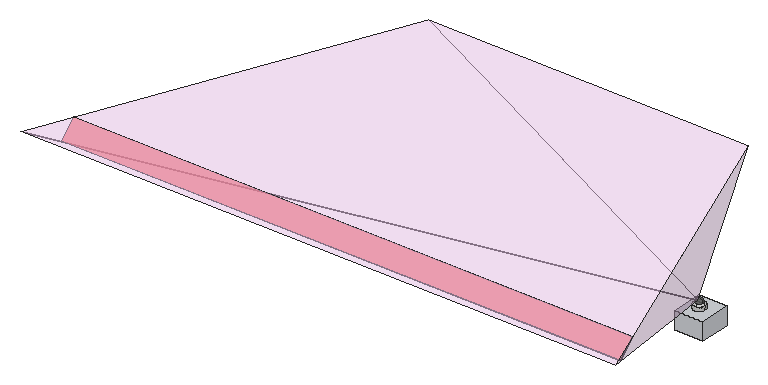
Revit family "Camera-Security-Panasonic-Super_Dynamic-H265_Varifocal_Dome-Network-WV-U2132LSeriesX", category Security Devices, host Face, Revit 2016
Family settings
  Host = Face
  Maintain Annotation Orientation = No
  Part Type = Normal
  Round Connector Dimension = Use Diameter
  OmniClass Number = 23.85.10.14.11
  OmniClass Title = Cameras
  Cut with Voids When Loaded = No
  Shared = No
  Room Calculation Point = No
Parameters (values of type "WV-U2132L")
  z Zero = 0.0"  # constant formula
  z Yaw Actual [instance] = if(and(On Wall, not(On Ceiling)), Yaw Actual, Yaw Actual + 180.00°)  # 180.00°
  z VV Viewpoint Depth [instance] = (z VV Viewpoint Depth Max - z VV Viewpoint Depth Min) * z HFOV Ratio + z VV Viewpoint Depth Min  # 1.28346"
  z VV Viewpoint Depth Min = 1.28346"  # constant formula
  z VV Viewpoint Depth Max = 1.28346"  # constant formula
  z VV Origin Height Offset = 0.21654"  # constant formula
  z VV Origin Height [instance] = z Dome Height Offset + z VV Origin Height Offset  # 2.42126"
  z VV Face Radius = 4.62598"
  z Tilt Actual [instance] = Tilt Actual  # 45.00°
  z Pan Actual Safe [instance] = if(Pan Actual = -180.00°, 180.00°, Pan Actual)  # 0.00°
  z Pan Actual [instance] = Pan Actual  # 0.00°
  z HFOV Ratio [instance] = (Horizontal FOV Actual - Horizontal FOV Min) / (Horizontal FOV Max - Horizontal FOV Min)  # 0.29825
  z Dome Radius = (Height - z Base Height)  # 1.77165"
  z Dome Material = Glass - Panasonic - Smoked
  z Dome Height Offset [instance] = if(Has Ceiling Mount, 0.19685", z Base Height)  # 2.20472"
  z Const Yaw Handle Length = 9.25197"  # constant formula
  z Const Yaw Base2 Length = 17.32283"  # constant formula
  z Const Yaw Base Length = 10.23622"  # constant formula
  z Const Tilt Handle Length = 11.81102"  # constant formula
  z Const Tilt Base2 Length = 19.68504"  # constant formula
  z Const Tilt Base Length = 9.84252"  # constant formula
  z Const Pan Handle Length = 19.48819"  # constant formula
  z Camera Type = 1
  z Bracket Radius = 7.32283" / 2  # 3.66142"
  z Base is Visible [instance] = not(Has Ceiling Mount)  # yes
  z Base Radius = (Diameter / 2)  # 2.54921"
  z Base Height = 2.20472"  # constant formula
  Yawing Range = "-100 to +100"  # constant formula
  Yaw Min = -100.00°  # constant formula
  Yaw Max = 100.00°  # constant formula
  Yaw Desired [instance] = 0.00°
  Yaw Actual [instance] = if(Yaw Desired > Yaw Max, Yaw Max, if(Yaw Desired < Yaw Min, Yaw Min, Yaw Desired))  # 0.00°
  Wide Dynamic Range = yes
  Weight = 0.77 lbf  # constant formula
  Voltage DC = 48 V  # constant formula
  Vertical FOV Actual [instance] = z HFOV Ratio * (Vertical FOV Max - Vertical FOV Min) + Vertical FOV Min  # 33.5439°
  Vandal Resistant = no
  VFOV Min 43 = 27.00°
  VFOV Min 169 = 24.00°
  Vertical FOV Min [instance] = if(and(Aspect Ratio 4_3, not(Aspect Ratio 16_9)), VFOV Min 43, VFOV Min 169)  # 24.00°
  VFOV Max 43 = 62.00°
  VFOV Max 169 = 56.00°
  Vertical FOV Max [instance] = if(and(Aspect Ratio 4_3, not(Aspect Ratio 16_9)), VFOV Max 43, VFOV Max 169)  # 56.00°
  URL = "http://security.panasonic.com/pss/security/"
  Tilting Range = "-30 to +85"
  Tilt Min = -30.00°  # constant formula
  Tilt Max = 85.00°  # constant formula
  Tilt Actual [instance] = if(Tilt Desired > Tilt Max, Tilt Max, if(Tilt Desired < Tilt Min, Tilt Min, Tilt Desired))  # 45.00°
  Tilt Desired [instance] = 45.00°
  Storage Temperature = Operational Temperature  # "-10 °C to +50 °C (+14 °F to +122 °F)"
  Show View Volume [instance] = yes
  Resolution_HD [instance] = and(z Camera Type = 1, not(Resolution_FullHD))  # no
  Resolution_FullHD [instance] = yes
  Resolution WQHD [instance] = and(not(z Camera Type = 1), not(Resolution_FullHD))  # no
  Regulatory Compliance = "UL (UL60950-1), c-UL (CSA C22.2 No.60950-1), CE, IEC60950-1, FCC (Part15 ClassA), ICES003 ClassA, EN55032 ClassB, EN55024"  # constant formula
  Provide Feedback = "https://www.surveymonkey.com/s/95FL6QY"
  Product Page URL = "https://security.panasonic.com/products_technology/products/wv-u2132l/"
  Product Material = Paint - Panasonic - i-PRO White
  Product Documentation Link = "https://bizpartner.panasonic.net/public/ppr/product/10963?accordion_tab=96"
  Power Active = 5.8 W
  Part Number = Model  # "WV-U2132L"
  Part Description = Description  # "Security Camera, H.265 Varifocal Fixed Dome, Network, Super Dynamic FullHD, WV-U2132L"
  Panning Range = "-180 to +180"  # constant formula
  Pan Min = -180.00°  # constant formula
  Pan Max = 180.00°  # constant formula
  Pan Desired [instance] = 0.00°
  Pan Actual [instance] = if(Pan Desired > Pan Max, Pan Max, if(Pan Desired < Pan Min, Pan Min, Pan Desired))  # 0.00°
  PPM Desired [instance] = 300
  PPM Actual [instance] = if(PPM Desired > 1, PPM Desired, 1)  # 300
  Original Creation Date = "2020/01/06"
  Operational Temperature = "-10 °C to +50 °C (+14 °F to +122 °F)"  # constant formula
  Operational Humidity = "10% to 90% (no condensation)"  # constant formula
  On Wall [instance] = not(On Ceiling)  # no
  On Ceiling [instance] = yes
  Mounting Positions = "Surface Mount"  # constant formula
  Model Disclaimer = "Contact Panasonic for more information"  # constant formula
  Model = "WV-U2132L"
  Minimum Illumination = 0.100 lx
  Manufacturer = "Panasonic"  # constant formula
  Indoor Or Outdoor = "Indoor"  # constant formula
  IP Or Analog = "IP"  # constant formula
  Horizontal Resolution [instance] = if(and(Aspect Ratio 4_3, not(Aspect Ratio 16_9)), Horizontal Resolution 43, Horizontal Resolution 169)  # 1920
  Horizontal Resolution 43 [instance] = if(and(z Camera Type = 2, Resolution WQHD, not(Resolution_FullHD), not(Resolution_HD)), 2560, if(and(not(Resolution WQHD), Resolution_FullHD, not(Resolution_HD)), 1600, if(and(z Camera Type = 1, not(Resolution WQHD), not(Resolution_FullHD), Resolution_HD), 1280, 1600)))  # 1600
  Horizontal Resolution 169 [instance] = if(and(z Camera Type = 2, Resolution WQHD, not(Resolution_FullHD), not(Resolution_HD)), 2560, if(and(not(Resolution WQHD), Resolution_FullHD, not(Resolution_HD)), 1920, if(and(z Camera Type = 1, not(Resolution WQHD), not(Resolution_FullHD), Resolution_HD), 1280, 1920)))  # 1920
  Horizontal FOV Actual [instance] = if(Horizontal FOV Desired > Horizontal FOV Max, Horizontal FOV Max, if(Horizontal FOV Desired < Horizontal FOV Min, Horizontal FOV Min, Horizontal FOV Desired))  # 60.00°
  Height = 3.97638"  # constant formula
  Has Ceiling Mount [instance] = no
  Has POE = yes
  HFOV Min 43 = 36.00°
  HFOV Min 169 = 43.00°
  Horizontal FOV Min [instance] = if(and(Aspect Ratio 4_3, not(Aspect Ratio 16_9)), HFOV Min 43, HFOV Min 169)  # 43.00°
  HFOV Max 43 = 83.00°
  HFOV Max 169 = 100.00°
  Horizontal FOV Max [instance] = if(and(Aspect Ratio 4_3, not(Aspect Ratio 16_9)), HFOV Max 43, HFOV Max 169)  # 100.00°
  Floor Distance [instance] = Distance to Floor  # 118.11024"
  Family Version = "1.0.0"  # constant formula
  Horizontal FOV Desired [instance] = 60.00°
  Equipment Number [instance] = ""
  Equipment Abbreviation = "SC"
  Dome Part Number [instance] = "WV-CF5SA"  # constant formula
  Distance to Screen [instance] = 393.70079"
  Distance to PPM Target [instance] = if(PPM Actual = 0, 0.0", 39.37008" * Horizontal Resolution / (PPM Actual * 2 * tan(Horizontal FOV Actual / 2)))  # 218.21113"
  Distance to Floor [instance] = 118.11024"
  Distance to Ceiling [instance] = 0.0"
  Diameter = 5.09843"  # constant formula
  Description = "Security Camera, H.265 Varifocal Fixed Dome, Network, Super Dynamic FullHD, WV-U2132L"
  Default Elevation = 0.0"
  Day Or Night = "Yes"  # constant formula
  Date Last Modified = "2020/01/06"
  Copyright = "Copyright © Panasonic"  # constant formula
  Communication Ports = "10Base-T / 100Base-TX, RJ45 connector"  # constant formula
  Ceiling Distance [instance] = Distance to Ceiling  # 0.0"
  Audio Out = "N/A"  # constant formula
  Audio In = "N/A"  # constant formula
  Angle Of View = "100"
  Alarm Input Or Output Specification = "N/A"  # constant formula
  Accessory Part Number [instance] = if(Has Ceiling Mount, "WV-Q174B", "Select a Mounting Option")  # "Select a Mounting Option"
  Aspect Ratio 4_3 [instance] = and(not(z Camera Type = 2), not(Aspect Ratio 16_9))  # no
  Aspect Ratio 16_9 [instance] = yes
Types (2): name | z HFOV Ratio | z Camera Type | Vertical FOV Actual | VFOV Min 43 | VFOV Min 169 | Vertical FOV Min | VFOV Max 43 | VFOV Max 169 | Vertical FOV Max | Resolution_FullHD | Resolution WQHD | Product Page URL | Product Documentation Link | Power Active | Part Number | Part Description | Model | Minimum Illumination | Horizontal Resolution | Horizontal Resolution 43 | Horizontal Resolution 169 | HFOV Min 43 | HFOV Min 169 | Horizontal FOV Min | HFOV Max 43 | HFOV Max 169 | Horizontal FOV Max | Distance to PPM Target | Description | Angle Of View
  WV-U2132L | 0.29825 | 1 | 33.5439° | 27.00° | 24.00° | 24.00° | 62.00° | 56.00° | 56.00° | yes | no | "https://security.panasonic.com/products_technology/products/wv-u2132l/" | "https://bizpartner.panasonic.net/public/ppr/product/10963?accordion_tab=96" | 5.8 W | "WV-U2132L" | "Security Camera, H.265 Varifocal Fixed Dome, Network, Super Dynamic FullHD, WV-U2132L" | "WV-U2132L" | 0.100 lx | 1920 | 1600 | 1920 | 36.00° | 43.00° | 43.00° | 83.00° | 100.00° | 100.00° | 218.21113" | "Security Camera, H.265 Varifocal Fixed Dome, Network, Super Dynamic FullHD, WV-U2132L" | "100"
  WV-U2142L | 0.27586 | 2 | 33.8276° | 25.00° | 25.00° | 25.00° | 57.00° | 57.00° | 57.00° | no | yes | "https://security.panasonic.com/products_technology/products/wv-u2142l/" | "https://bizpartner.panasonic.net/public/ppr/product/10964?accordion_tab=96" | 6.5 W | "WV-U2142L" | "Security Camera, H.265 Varifocal Fixed Dome, Network, Super Dynamic WQHD, WV-U2142L" | "WV-U2142L" | 0.300 lx | 2560 | 2560 | 2560 | 44.00° | 44.00° | 44.00° | 102.00° | 102.00° | 102.00° | 290.94817" | "Security Camera, H.265 Varifocal Fixed Dome, Network, Super Dynamic WQHD, WV-U2142L" | "102"
Reference planes (in)
  plane 1 "Center (Front/Back)": y = 0
  plane 2: z = 0
  plane 3 "Center (Left/Right)": x = 0
  plane 4: z = 0
  plane 5: x = -2.54921
  plane 6: x = -1.77165
  plane 7: x = 2.5625
  plane 8: z = 2.20472
  plane 9: z = 1.50472
  plane 10: z = 3.97638
  plane 11 "Pan LR": z = 9.48781
  plane 12 "BP": z = 2.42126
Forms (in)
  Extrusion 1, solid
    sketch origin (0, 0, 0) x (1, 0, 0) y (0, 1, 0)
      loop
        line (-5.65138, 6.85016) -> (-5.65138, -7.02141) -> (7.02141, -7.02141) -> (7.02141, 6.85016) -> (-5.65138, 6.85016)
    from 0 to -7.78407
  Revolve 2, solid, material "Paint - Panasonic - i-PRO White" <- "Product Material", visible <- "z Base is Visible"
    sketch origin (0, 0, 0) x (1, 0, 0) y (0, 0, 1)
      loop
        line (0, 0) -> (0, 2.20472) -> (-1.77165, 2.20472) -> (-2.54921, 1.50472) -> (-2.54921, 0) -> (0, 0)
      axis (0, 2.20472) -> (0, 0)
    angle from 0 to 360
  Revolve 3, solid, material "Glass - Panasonic - Smoked" <- "z Dome Material"
    sketch origin (0, 0, 0) x (1, 0, 0) y (0, 0, 1)
      loop
        line (-1.77165, 2.20472) -> (0, 2.20472) -> (0, 3.97638)
        arc (0, 3.97638) -> (-1.25275, 3.45747) -> (-1.77165, 2.20472) r 1.77165
      axis (0, 3.97638) -> (0, 2.20472)
    angle from 0 to 360
Lines and regions (in)
  reference lines
    curve 1: line (0, 0, 2.42154) -> (0, -9.84252, 2.42154)
    curve 2: line (0, 0, 2.42126) -> (8.07327, -8.07327, 2.42126)
Dimensions and locks (in)
  "z Base Height": plane 8 to plane 4
  "z Base Radius": plane 3 "Center (Left/Right)" to plane 5
  locked: plane 8 to plane 9 at 0.7
  "z Dome Radius": plane 3 "Center (Left/Right)" to plane 6
  "z Dome Radius": plane 10 to plane 8
  "z Dome Height Offset": plane 8 to plane 2
  "z VV Origin Height": plane 12 "BP" to level
  angle curve 1 to plane 1 "Center (Front/Back)" = 90.00°
  "z Pan Actual Safe": angle plane 3 "Center (Left/Right)" to curve 1
  "z Tilt Actual": angle curve 2 to plane 1 "Center (Front/Back)"
  aligned and locked: plane 2 to Extrusion 1
  aligned and locked: level to Extrusion 1
  aligned and locked: plane 5 to Revolve 2 sketch curve
  aligned and locked: plane 9 to Revolve 2 sketch curve
  aligned and locked: plane 6 to Revolve 2 sketch curve
  aligned and locked: plane 4 to Revolve 2 sketch curve
  aligned and locked: Revolve 2 sketch curve to plane 3 "Center (Left/Right)"
  aligned and locked: plane 8 to Revolve 2 sketch curve
  aligned and locked: Revolve 2 sketch curve to plane 5
  aligned and locked: plane 3 "Center (Left/Right)" to Revolve 3 sketch curve
  aligned and locked: plane 8 to Revolve 3 sketch curve
  aligned and locked: plane 1 "Center (Front/Back)" to curve 1
  aligned and locked: plane 3 "Center (Left/Right)" to curve 1
  aligned and locked: plane 3 "Center (Left/Right)" to nested 1
  aligned and locked: plane 3 "Center (Left/Right)" to curve 2
  aligned and locked: plane 1 "Center (Front/Back)" to curve 2
  aligned and locked: nested 2 to plane 1 "Center (Front/Back)"
  aligned and locked: nested 2 to plane 3 "Center (Left/Right)"
Automatic sketch dimensions
  Extrusion 1 sketch curve to Extrusion 1 sketch curve = 12.67279"
  Extrusion 1 sketch curve to Extrusion 1 sketch curve = 13.87157"
  Revolve 2 sketch curve to plane 3 "Center (Left/Right)" = 0.0"
  plane 9 to Revolve 2 sketch curve = 0.11875"
  Revolve 2 sketch curve to Revolve 2 sketch curve = 0.25"
  Revolve 3 sketch curve to plane 6 = 0.0"
  Revolve 3 sketch curve to plane 3 "Center (Left/Right)" = 0.0"
  Revolve 3 sketch curve to Revolve 3 sketch curve = 0.82961"
  Revolve 3 sketch curve to Revolve 3 sketch curve = 0.25"
Nested families (in)
  nested 1: "Mount - Camera-Security-Panasonic-Fixed_Dome-Network" at (0, 0, 0), Dome Radius <- "z Dome Radius", Product Material <- "Product Material", Has Ceiling Mount <- "Has Ceiling Mount", type "Mount"
    with z Bracket Radius 3.66142", Product Material Paint - Panasonic - i-PRO White, Has Ceiling Mount no, Dome Radius 1.77165"
  nested 2: "Camera-Security-Panasonic-ViewVolumePTYZ" at (0, 0, 2.42126), Viewpoint Depth <- "z VV Viewpoint Depth", Base Height Offset <- "z VV Origin Height", Pan <- "z Pan Actual", Tilt <- "z Tilt Actual", Yaw <- "z Yaw Actual", HFOV <- "Horizontal FOV Actual", VFOV <- "Vertical FOV Actual", On Wall <- "On Wall", On Ceiling <- "On Ceiling", Screen Depth <- "Distance to Screen", Floor Distance <- "Floor Distance", Ceiling Distance <- "Ceiling Distance", Target Depth <- "Distance to PPM Target", visible <- "Show View Volume", type "Camera-Security-Panasonic-ViewVolumePTYZ"
    with z Yaw Actual 180.00°, z Void Width 1249.41753", z Void Thickness 397.40551", z Void Height Start -624.70877", z Void Height End 624.70877", z Void Direction 0, z Void Angle 0.00°, z Viewpoint Depth 1.28346", z Tilt Actual 45.00°, z Target Width 251.9685", z Target Visible yes, z Target Height 131.53038", z Target Depth 219.49459", z Screen Width 454.60651", z Screen Height 237.30969", z Screen Depth 394.98425", z Pan Actual 0.00°, z Floor Distance 118.11024", z Ceiling Distance 0.0", Yaw 180.00°, Viewpoint Origin Horizontal Offset 0.0", Viewpoint Depth 1.28346", VFOV 33.5439°, Tilt 45.00°, Target Depth 218.21113", Screen Depth 393.70079", Pan 0.00°, On Wall no, On Floor no, On Default Mount Type 0, On Ceiling yes, HFOV 60.00°, Floor Distance 118.11024", Ceiling Distance 0.0", Base Height Offset 2.42126", Base Angle Offset 0.00°
Connectors (in)
  electrical at (0, 0, 0), driven by "Power Active", driven by "Voltage DC"
    settings: on Revolve 2, index 1, voltage 48 V, apparent load 5.8 W, apparent load phase1 0.0 W, apparent load phase2 0.0 W, apparent load phase3 0.0 W, power factor 1, load classification "Other", number of poles 1, system type 30, power factor state 1, is connector primary yes, connector utility no, sub classification motor no, connector description "Electrical Connection"
  electrical at (0, 0, 0)
    settings: on Revolve 2, index 2, voltage 0 V, apparent load 0.0 W, apparent load phase1 0.0 W, apparent load phase2 0.0 W, apparent load phase3 0.0 W, power factor 1, load classification "Other", number of poles 1, system type 5, power factor state 1, is connector primary no, connector utility no, sub classification motor no, connector description "Data Connection"
Definition of nested family "Camera-Security-Panasonic-ViewVolumePTYZ"
  Parameters
    z Yaw Actual [instance] = if(Yaw < 0.00°, 360.00° - (abs(Yaw) - rounddown(abs(Yaw) / 360.00°) * 360.00°), Yaw - rounddown(Yaw / 360.00°) * 360.00°)  # 0.00°
    z Void Width [instance] = if(z Screen Width > z Screen Height, z Screen Width, z Screen Height) + abs(Viewpoint Origin Horizontal Offset) + z Void Thickness * 2  # 1265.63013"
    z Void Thickness [instance] = z Screen Depth + abs(Base Height Offset)  # 405.51181"
    z Void Height Start [instance] = -z Void Width / 2  # -632.81507"
    z Void Height End [instance] = z Void Width / 2  # 632.81507"
    z Void Direction [instance] = if((if(On Wall, 1, 0) + if(On Floor, 1, 0) + if(On Ceiling, 1, 0)) = 1, if(On Ceiling, 0, if(On Wall, 1, 2)), On Default Mount Type)  # 0
    z Viewpoint Depth [instance] = if(Viewpoint Depth < 0.03937", 0.03937", Viewpoint Depth)  # 5.90551"
    z Tilt Actual [instance] = if(Tilt < 0.00°, 360.00° - (abs(Tilt) - rounddown(abs(Tilt) / 360.00°) * 360.00°), Tilt - rounddown(Tilt / 360.00°) * 360.00°)  # 45.00°
    z Target Visible [instance] = not(Screen Depth < Target Depth)  # yes
    z Target Thickness Start = -z Target Thickness / 2  # -0.03937"
    z Target Thickness End = z Target Thickness / 2  # 0.03937"
    z Target Depth [instance] = Target Depth + Viewpoint Depth  # 84.64567"
    z Pan Actual [instance] = if(Pan < 0.00°, 360.00° - (abs(Pan) - rounddown(abs(Pan) / 360.00°) * 360.00°), Pan - rounddown(Pan / 360.00°) * 360.00°)  # 0.00°
    z Floor Distance [instance] = if(z Void Direction = 2, if(Floor Distance < 0.0", 0.0", Floor Distance), if(Floor Distance < 0.3937", 0.3937", Floor Distance))  # 118.11024"
    z Const Yaw Base2 Length = 17.32283"  # constant formula
    z Const Tilt Base2 Length = 19.68504"  # constant formula
    z Ceiling Distance [instance] = if(z Void Direction = 2, if(Ceiling Distance < 0.3937", 0.3937", Ceiling Distance), if(Ceiling Distance < 0.0", 0.0", Ceiling Distance))  # 0.0"
    z Const Void Handle Length = 23.62205"  # constant formula
    z Void Angle [instance] = if(z Void Direction = 0, 0.00° + Base Angle Offset, if(z Void Direction = 1, 90.00° + Base Angle Offset, 180.00° + Base Angle Offset))  # 0.00°
    z Screen Depth [instance] = if(Screen Depth < 3.93701", 3.93701" + Viewpoint Depth, Screen Depth + Viewpoint Depth)  # 399.6063"
    Original Creation Date = "September, 15, 2016"  # constant formula
    On Default Mount Type [instance] = 0
    Manufacturer = "Panasonic"  # constant formula
    Family Version = "1.0.0"  # constant formula
    Default Elevation = 48.0"
    Date Last Modified = "September, 15, 2016"  # constant formula
    Copyright = "Copyright © Panasonic"  # constant formula
    Base Height Offset [instance] = 5.90551"
    Base Angle Offset [instance] = 0.00°
    z Viewpoint Width = 0.03937"  # constant formula
    z Viewpoint Height = 0.03937"  # constant formula
    VFOV [instance] = 33.75°
    z Target Width [instance] = Target Depth * tan(HFOV / 2) * 2  # 90.9213"
    z Target Thickness = 0.07874"  # constant formula
    z Target Height [instance] = Target Depth * tan(VFOV / 2) * 2  # 47.77113"
    Target Depth [instance] = 78.74016"
    z Screen Width [instance] = (z Screen Depth - Viewpoint Depth) * tan(HFOV / 2) * 2  # 454.60651"
    z Screen Height [instance] = (z Screen Depth - Viewpoint Depth) * tan(VFOV / 2) * 2  # 238.85566"
    Screen Depth [instance] = 393.70079"
    z Const Yaw Handle Length = 9.25197"  # constant formula
    z Const Yaw Base Length = 10.23622"  # constant formula
    Viewpoint Depth [instance] = 5.90551"
    Viewpoint Origin Horizontal Offset [instance] = 0.0"
    z Const Tilt Handle Length = 14.17323"  # constant formula
    z Const Tilt Base Length = 9.84252"  # constant formula
    z Const Pan Handle Length = 19.68504"  # constant formula
    z Const Pan Axis Length = 15.74803"  # constant formula
    On Wall [instance] = no
    On Floor [instance] = no
    On Ceiling [instance] = yes
    HFOV [instance] = 60.00°
    Yaw [instance] = 0.00°
    Tilt [instance] = 45.00°
    Pan [instance] = 0.00°
    Floor Distance [instance] = 118.11024"
    Ceiling Distance [instance] = 0.0"
  Reference planes (in)
    plane 1 "Center (Front/Back)": y = 0
    plane 2: z = 0
    plane 3 "Center (Left/Right)": x = 0
    plane 4 "VoidOffsetBase": z = -5.90551
  Forms (in)
    Extrusion 1, void
      sketch origin (0, 0, -5.90551) x (0, 0, 1) y (0, -1, 0)
        loop
          line (523.62205, 632.81507) -> (118.11024, 632.81507) -> (118.11024, -632.81507) -> (523.62205, -632.81507) -> (523.62205, 632.81507)
        loop
          line (0, 632.81507) -> (-405.51181, 632.81507) -> (-405.51181, -632.81507) -> (0, -632.81507) -> (0, 632.81507)
      from -632.81507 <- "z Void Height Start" to 632.81507 <- "z Void Height End"
    Blend 2, solid
      base sketch origin (0, -4.17583, 4.17583) x (0, 0.707107, 0.707107) y (-1, 0, 0)
        loop
          line (-0.01969, -0.01969) -> (0.01969, -0.01969) -> (0.01969, 0.01969) -> (-0.01969, 0.01969) -> (-0.01969, -0.01969)
      top sketch origin (0, -282.56432, 282.56432) x (0, 0.707107, 0.707107) y (-1, 0, 0)
        loop
          line (-119.42783, -227.30326) -> (119.42783, -227.30326) -> (119.42783, 227.30326) -> (-119.42783, 227.30326) -> (-119.42783, -227.30326)
      from 0 to 0
    Extrusion 3, solid, visible <- "z Target Visible"
      sketch origin (0, -59.85353, 59.85353) x (0, 0.707107, 0.707107) y (-1, 0, 0)
        loop
          line (-23.88557, -45.46065) -> (23.88557, -45.46065) -> (23.88557, 45.46065) -> (-23.88557, 45.46065) -> (-23.88557, -45.46065)
      from -0.03937 <- "z Target Thickness Start" to 0.03937 <- "z Target Thickness End"
  Cuts and joins
    Extrusion 1 cuts Blend 2
    Extrusion 1 cuts Extrusion 3
  Lines and regions (in)
    reference lines
      curve 1: line (0, 0, 0) -> (19.68504, 0, 0)
      curve 2: line (0, 0, -15.74803) -> (0, 0, 0)
      curve 3: line (0, 0, 0) -> (0, -9.84252, 0)
      curve 4: line (0, 0, 0) -> (0, 0, 19.68504)
      curve 5: line (0, -10.02199, 10.02199) -> (0, 0, 0)
      curve 6: line (0, 0, 0) -> (0, 7.2381, 7.2381)
      curve 7: line (0, 0, 0) -> (-17.32283, 0, 0)
      curve 8: line (0, 0, 0) -> (-9.25197, 0, 0)
      curve 9: line (0, -4.17583, 4.17583) -> (0, 0, 0)
      curve 10: line (0, 0, 0) -> (0, -59.85353, 59.85353)
      curve 11: line (0, 0, 0) -> (0, -282.56432, 282.56432)
      curve 12: line (-0.01969, -4.16191, 4.18975) -> (0.01969, -4.16191, 4.18975)
      curve 13: line (-0.01969, -4.18975, 4.16191) -> (0.01969, -4.18975, 4.16191)
      curve 14: line (-0.01969, -4.16191, 4.18975) -> (-0.01969, -4.18975, 4.16191)
      curve 15: line (0.01969, -4.16191, 4.18975) -> (0.01969, -4.18975, 4.16191)
      curve 16: line (-45.46065, -42.96388, 76.74317) -> (45.46065, -42.96388, 76.74317)
      curve 17: line (-45.46065, -76.74317, 42.96388) -> (45.46065, -76.74317, 42.96388)
      curve 18: line (-45.46065, -42.96388, 76.74317) -> (-45.46065, -76.74317, 42.96388)
      curve 19: line (45.46065, -42.96388, 76.74317) -> (45.46065, -76.74317, 42.96388)
      curve 20: line (-227.30326, -198.1161, 367.01255) -> (-227.30326, -367.01255, 198.1161)
      curve 21: line (227.30326, -198.1161, 367.01255) -> (227.30326, -367.01255, 198.1161)
      curve 22: line (-227.30326, -198.1161, 367.01255) -> (227.30326, -198.1161, 367.01255)
      curve 23: line (-227.30326, -367.01255, 198.1161) -> (227.30326, -367.01255, 198.1161)
      curve 24: line (0, 0, -5.90551) -> (0, 0, 17.71654)
      curve 25: line (0, -632.81507, 517.71654) -> (0, 632.81507, 517.71654)
      curve 26: line (0, -632.81507, 112.20472) -> (0, -632.81507, 517.71654)
      curve 27: line (0, 632.81507, 112.20472) -> (0, -632.81507, 112.20472)
      curve 28: line (0, 632.81507, 517.71654) -> (0, 632.81507, 112.20472)
      curve 29: line (0, -632.81507, -5.90551) -> (0, 632.81507, -5.90551)
      curve 30: line (0, -632.81507, -411.41732) -> (0, -632.81507, -5.90551)
      curve 31: line (0, 632.81507, -411.41732) -> (0, -632.81507, -411.41732)
      curve 32: line (0, 632.81507, -5.90551) -> (0, 632.81507, -411.41732)
  Dimensions and locks (in)
    "z Const Pan Handle Length": curve 1 to curve 1
    "z Const Pan Axis Length": curve 2 to curve 2
    "z Const Tilt Base Length": curve 3 to curve 3
    "z Const Pan Axis Length": curve 1 to curve 2
    "Viewpoint Origin Horizontal Offset": curve 4 to curve 2
    "z Const Tilt Base2 Length": curve 4 to curve 4
    "z Const Tilt Handle Length": curve 5 to curve 5
    "z Const Yaw Base Length": curve 6 to curve 6
    "z Const Yaw Base2 Length": curve 7 to curve 7
    "z Const Yaw Handle Length": curve 8 to curve 8
    "z Viewpoint Depth": curve 9 to curve 9
    "z Target Depth": curve 10 to curve 10
    "z Screen Depth": curve 11 to curve 11
    equal spacing: curve 13, curve 9, curve 12
    "z Viewpoint Height": curve 13 to curve 12
    equal spacing: curve 14, curve 9, curve 15
    "z Viewpoint Width": curve 14 to curve 15
    equal spacing: curve 17, curve 10, curve 16
    "z Target Height": curve 17 to curve 16
    equal spacing: curve 18, curve 10, curve 19
    "z Target Width": curve 18 to curve 19
    equal spacing: curve 20, curve 11, curve 21
    "z Screen Width": curve 20 to curve 21
    equal spacing: curve 23, curve 11, curve 22
    "z Screen Height": curve 23 to curve 22
    "z Const Void Handle Length": curve 24 to curve 24
    equal spacing: curve 26, curve 24, curve 28
    "z Void Width": curve 26 to curve 28
    "z Floor Distance": curve 27 to curve 24
    "z Ceiling Distance": curve 29 to curve 24
    "z Void Thickness": curve 31 to curve 29
    "z Void Thickness": curve 25 to curve 27
    "Base Height Offset": level to plane 4 "VoidOffsetBase"
    locked: curve 3 to curve 2 (angle 90.00°)
    locked: curve 3 to curve 4 (angle 90.00°)
    "z Tilt Actual": angle curve 4 to curve 5
    locked: curve 6 to curve 7 (angle 90.00°)
    locked: curve 6 to curve 5 (angle 90.00°)
    locked: curve 9 to curve 5 (angle 0.00°)
    locked: curve 10 to curve 5 (angle 0.00°)
    locked: curve 11 to curve 5 (angle 0.00°)
    "z Void Angle": angle plane 1 "Center (Front/Back)" to curve 24
    "z Yaw Actual": angle curve 7 to curve 8
    "z Pan Actual": angle plane 1 "Center (Front/Back)" to curve 1
    aligned and locked: level to plane 2
    aligned and locked: curve 2 to curve 1
    aligned and locked: curve 2 to curve 3
    aligned and locked: curve 3 to curve 2
    aligned and locked: curve 3 to curve 5
    aligned and locked: curve 6 to curve 7
    aligned and locked: curve 6 to curve 8
    aligned and locked: curve 8 to curve 7
    aligned and locked: curve 7 to curve 6
    aligned and locked: curve 5 to curve 11
    aligned and locked: curve 11 to curve 8
    aligned and locked: curve 12 to curve 15
    aligned and locked: curve 15 to curve 15
    aligned and locked: curve 14 to curve 14
    aligned and locked: curve 13 to curve 15
    aligned and locked: curve 16 to curve 19
    aligned and locked: curve 18 to curve 18
    aligned and locked: curve 17 to curve 19
    aligned and locked: curve 22 to curve 22
    aligned and locked: curve 21 to curve 23
    aligned and locked: curve 20 to curve 23
    aligned and locked: curve 23 to curve 23
    aligned and locked: plane 1 "Center (Front/Back)" to curve 24
    aligned and locked: curve 30 to curve 26
    aligned and locked: curve 28 to curve 32
    aligned and locked: Extrusion 1 sketch curve to curve 25
    aligned and locked: Extrusion 1 sketch curve to curve 26
    aligned and locked: Extrusion 1 sketch curve to curve 27
    aligned and locked: Extrusion 1 sketch curve to curve 28
    aligned and locked: Extrusion 1 sketch curve to curve 29
    aligned and locked: Extrusion 1 sketch curve to curve 30
    aligned and locked: Extrusion 1 sketch curve to curve 31
    aligned and locked: Extrusion 1 sketch curve to curve 32
    aligned and locked: Extrusion 1 sketch curve to Extrusion 1 sketch curve  (x8)
    aligned and locked: Blend 2 sketch curve to curve 15
    aligned and locked: Blend 2 sketch curve to curve 13
    aligned and locked: Blend 2 sketch curve to curve 14
    aligned and locked: Blend 2 sketch curve to curve 12
    aligned and locked: Blend 2 sketch curve to Blend 2 sketch curve  (x8)
    aligned and locked: Blend 2 sketch curve to curve 21
    aligned and locked: Blend 2 sketch curve to curve 23
    aligned and locked: Blend 2 sketch curve to curve 20
    aligned and locked: Blend 2 sketch curve to curve 22
    aligned and locked: Extrusion 3 sketch curve to curve 19
    aligned and locked: Extrusion 3 sketch curve to curve 17
    aligned and locked: Extrusion 3 sketch curve to curve 18
    aligned and locked: Extrusion 3 sketch curve to curve 16
    aligned and locked: Extrusion 3 sketch curve to Extrusion 3 sketch curve  (x4)
    aligned and locked: plane 3 "Center (Left/Right)" to curve 1
    aligned and locked: plane 1 "Center (Front/Back)" to curve 1
    aligned and locked: level to curve 2
    aligned and locked: plane 4 "VoidOffsetBase" to curve 24
  Automatic sketch dimensions
    curve 6 to curve 5 = 0.0"
    curve 6 to curve 5 = 10.23622"
Definition of nested family "Mount - Camera-Security-Panasonic-Fixed_Dome-Network"
  Parameters (values of type "Mount")
    z Bracket Radius [instance] = 3.66142"  # constant formula
    URL = "http://panasonic.net"
    Product Material [instance] = none
    Part Number = Model  # "WV-Q174B"
    Model = "WV-Q174B"
    Manufacturer = "Panasonic"
    Keynote = ""
    Has Ceiling Mount [instance] = yes
    Dome Radius [instance] = 1.77165"
    Default Elevation = 0.0"
    Assembly Code = ""
  Reference planes (in)
    plane 1 "Center (Front/Back)": y = 0
    plane 2: z = 0
    plane 3 "Center (Left/Right)": x = 0
    plane 4: z = 0.295
    plane 5: z = 0.125
    plane 6: x = -3.66142
    plane 7: z = 0
    plane 8: x = -1.77165
    plane 9: z = 0.32
    plane 10: z = 4.32
    plane 11: z = 3.146
    plane 12: z = 3.814
    plane 13: z = -3.63
    plane 14: z = -3.24904
    plane 15: z = -3.12404
    plane 16: z = 5.5
    plane 17: z = 7.75
    plane 18: y = -2.75
    plane 19: y = 2.75
    plane 20: z = 0.29528
    plane 21: y = -1.56732
    plane 22: y = 1.33268
    plane 23: x = 3.05
    plane 24: x = 3.25
    plane 25: x = 3.1565
    plane 26: y = -3.25
    plane 27: y = -3
    plane 28: x = 2.9065
    plane 29: x = 3.7815
    plane 30: x = -3.7815
    plane 31: y = 0.375
    plane 32: y = -0.375
  Forms (in)
    Extrusion 1, solid
      sketch origin (0, 0, 0) x (1, 0, 0) y (0, 1, 0)
        loop
          line (-48, 48) -> (-48, -48) -> (48, -48) -> (48, 48) -> (-48, 48)
      from 0 to -12
    Revolve 2, solid, visible <- "Has Ceiling Mount"
      sketch origin (0, 0, 0) x (1, 0, 0) y (0, 0, 1)
        loop
          line (-3.66142, 0.125) -> (-3.66142, 0) -> (-1.77165, 0) -> (-1.77165, 0.29528) -> (-3.66142, 0.125)
        axis (0, 0.29528) -> (0, 0)
      angle from 0 to 360
  Lines and regions (in)
    Masking region 1
      outline origin (0, 0, 0) x (1, 0, 0) y (0, 1, 0)
        loop
          circle (0, 0) r 3.66142
  Dimensions and locks (in)
    locked: plane 5 to plane 7 at 0.125
    locked: plane 6 to plane 8 at 1.88976
    "Dome Radius": plane 3 "Center (Left/Right)" to plane 8
    plane 16 to Extrusion 1 = 5.5"
    locked: plane 21 to plane 22 at 2.9
    locked: plane 20 to level at 0.29528
    "z Bracket Radius": radius of Masking region 1 sketch curve
    aligned and locked: plane 2 to Extrusion 1
    aligned and locked: level to Extrusion 1
    aligned and locked: plane 20 to Revolve 2 sketch curve
    aligned and locked: plane 8 to Revolve 2 sketch curve  (x2)
    aligned and locked: plane 5 to Revolve 2 sketch curve
    aligned and locked: plane 6 to Revolve 2 sketch curve
    aligned and locked: Revolve 2 sketch curve to plane 7
  Automatic sketch dimensions
    Extrusion 1 sketch curve to Extrusion 1 sketch curve = 96.0"  (x2)
    Revolve 2 sketch curve to plane 3 "Center (Left/Right)" = 0.0"
    Revolve 2 sketch curve to level = 0.25803"
    plane 4 to Revolve 2 sketch curve = 0.40138"
    plane 1 "Center (Front/Back)" to Masking region 1 sketch curve = 0.0"
    Masking region 1 sketch curve to plane 3 "Center (Left/Right)" = 0.0"
